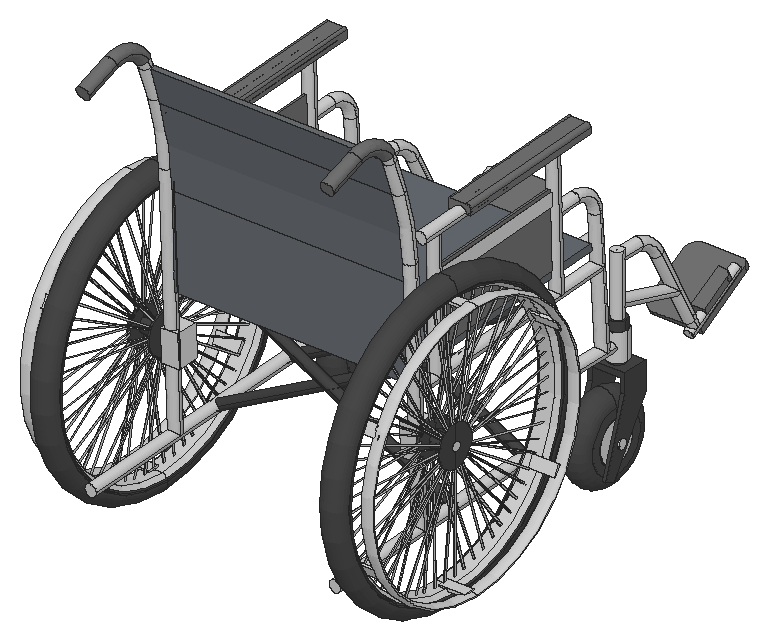
Revit family "Кресло-каталка-коляска", category Оборудование, Revit 2017
Family settings
  Размер круглого соединителя = Использовать радиус
  Тип детали = Нормальный
  На основе рабочей плоскости = Нет
  Всегда вертикально = Да
  При загрузке вырезать с полостями = Нет
  Общий = Нет
  Точка расчета площади = Нет
Parameters (values of type "Тип1")
  Общ_Ширина = 800.0 mm
  Общ_Тип, марка = "Н035"
  Общ_Примечание = ""
  Общ_Поставщик = "Армед"
  Общ_Позиция [instance] = ""
  Общ_Наименование = "Кресло-коляска"
  Общ_Масса = ""
  Общ_Код продукции = ""
  Общ_Единицы измерения = "шт."
  Общ_Глубина = 1000.0 mm
  Общ_Высота = 800.0 mm
  Keynote = ""
Reference planes
  plane 1 "По центру (Вперед/Назад)": y = 0
  plane 2: z = 0
  plane 3 "По центру (Влево/Вправо)": x = 0
  plane 4: x = -400
  plane 5: x = 400
  plane 6: y = 500
  plane 7: y = -500
  plane 8: z = 800
Dimensions and locks
  equal spacing: plane 4, plane 3 "По центру (Влево/Вправо)", plane 5
  equal spacing: plane 6, plane 1 "По центру (Вперед/Назад)", plane 7
  "Общ_Глубина": plane 6 to plane 7
  "Общ_Ширина": plane 4 to plane 5
  "Общ_Высота": plane 8 to plane 2
  aligned and locked: level to plane 2
Nested families
  nested 1: "wheelchair_complex-distributed_parametric_14784" at (0, 0, 0), type "wheelchair_complex-distributed_parametric_14784"
    with ZLOZONY no, ROZLOZONE yes, ON_OFF yes
Definition of nested family "wheelchair_complex-distributed_parametric_14784"
  Parameters (values of type "wheelchair_complex-distributed_parametric_14784")
    ZLOZONY [instance] = not(ON_OFF)  # yes
    WHEEL = none
    SIT COVER = none
    ROZLOZONE [instance] = ON_OFF  # no
    PLASTIC = none
    ON_OFF [instance] = no
    GRAY_PIPE = none
    BLACK_PIPE = none
  Reference planes
    plane 1 "Center (Front/Back)": y = 0
    plane 2: z = 0
    plane 3 "Center (Left/Right)": x = 0
    plane 4: x = 270
    plane 5: x = -270
    plane 6: x = 65
    plane 7: x = -65
  Forms (mm)
    Extrusion 1, solid, material <- "SIT COVER", visible <- "ROZLOZONE"
      sketch origin (0, 0, 0) x (0, 1, 0) y (0, 0, 1)
        loop
          line (-304.455, 901.073) -> (-313.965, 897.982) -> (-288.075, 818.302)
          arc (-288.075, 818.302) -> (-265.125, 726.251) -> (-255.208, 631.902) r 680
          line (-255.208, 631.902) -> (-248.058, 427.157) -> (-238.064, 427.506) -> (-245.214, 632.251)
          arc (-245.214, 632.251) -> (-255.277, 727.988) -> (-278.565, 821.392) r 690
          line (-278.565, 821.392) -> (-304.455, 901.073)
      from -270 to 270
    Extrusion 2, solid, material <- "SIT COVER", visible <- "ROZLOZONE"
      sketch origin (0, 0, 0) x (0, 1, 0) y (0, 0, 1)
        loop
          line (247.319, 475.878) -> (246.278, 490.851) -> (-195.606, 467.83) -> (-194.566, 452.857) -> (247.319, 475.878)
      from -270 to 270
    Extrusion 3, solid, material <- "BLACK_PIPE", visible <- "ROZLOZONE"
      sketch origin (148.338, -70, 6.899) x (0, 1, 0) y (-0.462673, 0, 0.886529)
        loop
          circle (155.42, 319.825) r 11
      from -309.355 to 308.387
    Extrusion 4, solid, material <- "BLACK_PIPE", visible <- "ROZLOZONE"
      sketch origin (-148.338, -92.5, 6.899) x (0, 1, 0) y (-0.462673, 0, -0.886529)
        loop
          circle (155.42, -319.825) r 11
      from -309.355 to 308.387
    Extrusion 5, solid, material <- "BLACK_PIPE", visible <- "ROZLOZONE"
      sketch origin (148.338, -270, -1.851) x (0, 1, 0) y (-0.462673, 0, 0.886529)
        loop
          circle (155.42, 319.825) r 11
      from -309.355 to 308.387
    Extrusion 6, solid, material <- "BLACK_PIPE", visible <- "ROZLOZONE"
      sketch origin (-148.338, -292.5, -1.851) x (0, 1, 0) y (-0.462673, 0, -0.886529)
        loop
          circle (155.42, -319.825) r 11
      from -309.355 to 308.387
    Extrusion 7, solid, material <- "BLACK_PIPE", visible <- "ZLOZONY"
      sketch origin (-327.955, -70, 353.415) x (0, 1, 0) y (-0.959058, 0, -0.283211)
        loop
          circle (155.42, -319.825) r 11
      from -309.355 to -76.813
    Extrusion 8, solid, material <- "BLACK_PIPE", visible <- "ZLOZONY"
      sketch origin (-327.955, -92.625, 353.415) x (0, 1, 0) y (-0.959058, 0, -0.283211)
        loop
          circle (155.42, -319.825) r 11
      from -309.355 to -76.813
    Extrusion 9, solid, material <- "BLACK_PIPE", visible <- "ZLOZONY"
      sketch origin (325.16, -292.625, 354.492) x (0, 1, 0) y (-0.965861, 0, 0.259063)
        loop
          circle (155.42, 319.825) r 11
      from -309.355 to -73.775
    Extrusion 10, solid, material <- "BLACK_PIPE", visible <- "ZLOZONY"
      sketch origin (325.16, -268.875, 354.492) x (0, 1, 0) y (-0.965861, 0, 0.259063)
        loop
          circle (155.42, 319.825) r 11
      from -309.355 to -73.775
    Extrusion 11, solid, material <- "SIT COVER", visible <- "ZLOZONY"
      sketch origin (-165, 0, 0) x (0, 1, 0) y (0, 0, 1)
        loop
          line (-304.455, 901.073) -> (-313.965, 897.982) -> (-288.075, 818.302)
          arc (-288.075, 818.302) -> (-265.125, 726.251) -> (-255.208, 631.902) r 680
          line (-255.208, 631.902) -> (-248.058, 427.157) -> (-238.064, 427.506) -> (-245.214, 632.251)
          arc (-245.214, 632.251) -> (-255.277, 727.988) -> (-278.565, 821.392) r 690
          line (-278.565, 821.392) -> (-304.455, 901.073)
      from 60 to 270
    Extrusion 12, solid, material <- "SIT COVER", visible <- "ZLOZONY"
      sketch origin (-165, 0, 0) x (0, 1, 0) y (0, 0, 1)
        loop
          line (247.319, 475.878) -> (246.278, 490.851) -> (-195.606, 467.83) -> (-194.566, 452.857) -> (247.319, 475.878)
      from 60 to 270
    Extrusion 13, solid, material <- "BLACK_PIPE", visible <- "ZLOZONY"
      sketch origin (327.955, -70, 353.415) x (0, 1, 0) y (-0.959058, 0, 0.283211)
        loop
          circle (155.42, 319.825) r 11
      from -309.355 to -76.813
    Extrusion 14, solid, material <- "BLACK_PIPE", visible <- "ZLOZONY"
      sketch origin (327.955, -92.625, 353.415) x (0, 1, 0) y (-0.959058, 0, 0.283211)
        loop
          circle (155.42, 319.825) r 11
      from -309.355 to -76.813
    Extrusion 15, solid, material <- "BLACK_PIPE", visible <- "ZLOZONY"
      sketch origin (-325.16, -292.625, 354.492) x (0, 1, 0) y (-0.965861, 0, -0.259063)
        loop
          circle (155.42, -319.825) r 11
      from -309.355 to -73.775
    Extrusion 16, solid, material <- "BLACK_PIPE", visible <- "ZLOZONY"
      sketch origin (-325.16, -268.875, 354.492) x (0, 1, 0) y (-0.965861, 0, -0.259063)
        loop
          circle (155.42, -319.825) r 11
      from -309.355 to -73.775
  Dimensions and locks
    equal spacing: plane 5, plane 3 "Center (Left/Right)", plane 4
    aligned and locked: level to plane 2
    aligned and locked: plane 4 to Extrusion 1
    aligned and locked: plane 5 to Extrusion 1
    aligned and locked: Extrusion 2 to plane 4
    aligned and locked: plane 5 to Extrusion 2
  Automatic sketch dimensions
    Extrusion 1 sketch curve to Extrusion 1 sketch curve = 0.0 mm  (x2)
    plane 1 "Center (Front/Back)" to Extrusion 1 sketch curve = 934.794 mm
    plane 1 "Center (Front/Back)" to Extrusion 1 sketch curve = 313.965 mm
    Extrusion 1 sketch curve to Extrusion 1 sketch curve = 9.511 mm  (x2)
    Extrusion 1 sketch curve to Extrusion 1 sketch curve = 25.89 mm
    Extrusion 1 sketch curve to Extrusion 1 sketch curve = 32.867 mm
    Extrusion 1 sketch curve to Extrusion 1 sketch curve = 7.15 mm
    Extrusion 1 sketch curve to Extrusion 1 sketch curve = 9.994 mm  (x2)
    level to Extrusion 1 sketch curve = 427.157 mm
    Extrusion 1 sketch curve to Extrusion 1 sketch curve = 0.349 mm
    level to Extrusion 1 sketch curve = 608.17 mm
    plane 1 "Center (Front/Back)" to Extrusion 2 sketch curve = 195.606 mm
    Extrusion 2 sketch curve to Extrusion 2 sketch curve = 1.041 mm  (x2)
    Extrusion 2 sketch curve to plane 1 "Center (Front/Back)" = 246.278 mm
    level to Extrusion 2 sketch curve = 452.857 mm
    Extrusion 2 sketch curve to Extrusion 2 sketch curve = 14.973 mm  (x2)
    Extrusion 2 sketch curve to Extrusion 2 sketch curve = 23.021 mm
    Extrusion 3 sketch curve to plane 1 "Center (Front/Back)" = 85.42 mm
    Extrusion 4 sketch curve to plane 1 "Center (Front/Back)" = 62.92 mm
    plane 1 "Center (Front/Back)" to Extrusion 5 sketch curve = 114.58 mm
    plane 1 "Center (Front/Back)" to Extrusion 6 sketch curve = 137.08 mm
    Extrusion 7 sketch curve to plane 1 "Center (Front/Back)" = 85.42 mm
    Extrusion 8 sketch curve to plane 1 "Center (Front/Back)" = 62.795 mm
    plane 1 "Center (Front/Back)" to Extrusion 9 sketch curve = 137.205 mm
    plane 1 "Center (Front/Back)" to Extrusion 10 sketch curve = 113.455 mm
    Extrusion 11 sketch curve to Extrusion 11 sketch curve = 0.0 mm  (x2)
    plane 1 "Center (Front/Back)" to Extrusion 11 sketch curve = 934.794 mm
    plane 1 "Center (Front/Back)" to Extrusion 11 sketch curve = 313.965 mm
    Extrusion 11 sketch curve to Extrusion 11 sketch curve = 9.511 mm  (x2)
    Extrusion 11 sketch curve to Extrusion 11 sketch curve = 25.89 mm
    Extrusion 11 sketch curve to Extrusion 11 sketch curve = 32.867 mm
    Extrusion 11 sketch curve to Extrusion 11 sketch curve = 7.15 mm
    Extrusion 11 sketch curve to Extrusion 11 sketch curve = 9.994 mm  (x2)
    level to Extrusion 11 sketch curve = 427.157 mm
    Extrusion 11 sketch curve to Extrusion 11 sketch curve = 0.349 mm
    level to Extrusion 11 sketch curve = 608.17 mm
    plane 1 "Center (Front/Back)" to Extrusion 12 sketch curve = 195.606 mm
    Extrusion 12 sketch curve to Extrusion 12 sketch curve = 1.041 mm  (x2)
    Extrusion 12 sketch curve to plane 1 "Center (Front/Back)" = 246.278 mm
    level to Extrusion 12 sketch curve = 452.857 mm
    Extrusion 12 sketch curve to Extrusion 12 sketch curve = 14.973 mm  (x2)
    Extrusion 12 sketch curve to Extrusion 12 sketch curve = 23.021 mm
    Extrusion 13 sketch curve to plane 1 "Center (Front/Back)" = 85.42 mm
    Extrusion 14 sketch curve to plane 1 "Center (Front/Back)" = 62.795 mm
    plane 1 "Center (Front/Back)" to Extrusion 15 sketch curve = 137.205 mm
    plane 1 "Center (Front/Back)" to Extrusion 16 sketch curve = 113.455 mm
    radius of Extrusion 3 sketch curve = 11.0 mm
    radius of Extrusion 4 sketch curve = 11.0 mm
    radius of Extrusion 5 sketch curve = 11.0 mm
    radius of Extrusion 6 sketch curve = 11.0 mm
    radius of Extrusion 7 sketch curve = 11.0 mm
    radius of Extrusion 8 sketch curve = 11.0 mm
    radius of Extrusion 9 sketch curve = 11.0 mm
    radius of Extrusion 10 sketch curve = 11.0 mm
    radius of Extrusion 13 sketch curve = 11.0 mm
    radius of Extrusion 14 sketch curve = 11.0 mm
    radius of Extrusion 15 sketch curve = 11.0 mm
    radius of Extrusion 16 sketch curve = 11.0 mm
  Nested families
    nested 1: "1" at (270, 0, 0), visible <- "ROZLOZONE", type "1"
    nested 2: "1" at (-270, 0, 0) x (-1, 0, 0) z (0, 0, 1), visible <- "ROZLOZONE", type "1"
    nested 3: "1" at (65, 0, 0), visible <- "ZLOZONY", type "2"
      with nozka_on no, nozka_off yes
    nested 4: "1" at (-65, 0, 0) x (-1, 0, 0) z (0, 0, 1), visible <- "ZLOZONY", type "2"
      with nozka_on no, nozka_off yes
  Definition of nested family "1"
    Parameters
      wheel = none
      plastic = none
      nozka_on = yes
      nozka_off = no
      gray pipe = none
      black pipe = none
    Reference planes
      plane 1 "Center (Front/Back)": y = 0
      plane 2: z = 0
      plane 3 "Center (Left/Right)": x = 0
    Forms (mm)
      Sweep 1, solid, material <- "gray pipe"
        path origin (0, -15, 0) x (0, 1, 0) y (0, 0, 1)
          loop
            line (316.74, 264.891) -> (204.969, 264.891)
            arc (204.969, 264.891) -> (167.869, 249.524) -> (152.501, 212.423) r 52.468
            line (152.501, 212.423) -> (152.501, 132.699)
        profile origin (0, 245.854, 264.891) x (0, 0, -1) y (1, 0, 0)
          loop
            circle (0, 0) r 12.7
      Revolve 2, solid, material <- "wheel"
        sketch origin (-384.861, 277.1, 0) x (1, 0, 0) y (0, 0, 1)
          loop
            arc (359.135, 52.612) -> (356.937, 51.702) -> (356.026, 49.504) r 3.108
            line (356.026, 49.504) -> (356.026, 29.737)
            arc (356.026, 29.737) -> (386.085, -0.322) -> (416.145, 29.737) r 30.059
            line (416.145, 29.737) -> (416.145, 49.504)
            arc (416.145, 49.504) -> (415.234, 51.702) -> (413.036, 52.612) r 3.108
            line (413.036, 52.612) -> (359.135, 52.612)
          axis (356.026, 96.05) -> (416.145, 96.05)
        angle from 0 to 360
      Extrusion 3, solid, material <- "black pipe"
        sketch origin (-384.861, -21.35, 0) x (0, 1, 0) y (0, 0, 1)
          loop
            line (369.497, 230.041) -> (310.254, 230.041) -> (310.254, 189.07) -> (257.611, 36.181) -> (281.627, 27.912) -> (369.497, 168.533) -> (369.497, 230.041)
        from 344.371 to 424.548
      Extrusion 4, solid, material <- "gray pipe"
        sketch origin (-384.861, -14.296, 2.981) x (0, 1, 0) y (0, 0, 1)
          loop
            circle (291.594, 92.884) r 9.778
        from 342.323 to 429.958
      Extrusion 5, solid, material <- "gray pipe"
        sketch origin (-384.861, -15, 0) x (0, 1, 0) y (0, 0, 1)
          loop
            circle (292.298, 95.865) r 44.45
        from 356.586 to 415.862
      Revolve 6, solid, material <- "wheel"
        sketch origin (-334.061, -222.34, 229.522) x (1, 0, 0) y (0, 0, 1)
          loop
            arc (359.135, -195.685) -> (356.937, -196.595) -> (356.026, -198.793) r 3.108
            line (356.026, -198.793) -> (356.026, -201.342)
            arc (356.026, -201.342) -> (384.498, -229.814) -> (412.97, -201.342) r 28.472
            line (412.97, -201.342) -> (412.97, -198.793)
            arc (412.97, -198.793) -> (412.059, -196.595) -> (409.861, -195.685) r 3.108
            line (409.861, -195.685) -> (359.135, -195.685)
          axis (356.026, 97.637) -> (412.97, 97.637)
        angle from 0 to 360
      Revolve 7, solid, material <- "gray pipe"
        sketch origin (-334.061, -222.34, 229.522) x (1, 0, 0) y (0, 0, 1)
          loop
            line (359.135, -195.685) -> (409.861, -195.685) -> (401.458, -187.282) -> (367.538, -187.282) -> (359.135, -195.685)
          axis (359.135, 97.637) -> (409.861, 97.637)
        angle from 0 to 360
      Revolve 8, solid, material <- "black pipe"
        sketch origin (-334.061, -224.185, 0) x (1, 0, 0) y (0, 0, 1)
          loop
            line (409.861, 332.524) -> (409.861, 367.599) -> (407.083, 367.599) -> (407.083, 338.297) -> (366.244, 342.589) -> (364.056, 367.599) -> (359.135, 367.599) -> (359.135, 332.524) -> (409.861, 332.524)
          axis (409.861, 323.149) -> (359.135, 323.149)
        angle from 0 to 360
      Extrusion 9, solid, material <- "gray pipe"
        sketch origin (-334.061, -222.775, 0) x (1, 0, 0) y (0, 0, 1)
          loop
            line (385.272, 613.467) -> (384.268, 613.467) -> (406.206, 362.719) -> (407.202, 362.806) -> (385.272, 613.467)
          loop
            line (385.272, 32.832) -> (407.202, 283.493) -> (406.206, 283.58) -> (384.268, 32.832) -> (385.272, 32.832)
        from 0 to 2.82
      Extrusion 10, solid, material <- "gray pipe"
        sketch origin (-334.061, 98.964, 324.559) x (0, -1, 0) y (1, 0, 0)
          loop
            line (613.467, 385.272) -> (362.806, 407.202) -> (362.719, 406.206) -> (613.467, 384.268) -> (613.467, 385.272)
          loop
            line (32.832, 385.272) -> (32.832, 384.268) -> (283.58, 406.206) -> (283.493, 407.202) -> (32.832, 385.272)
        from 0 to 2.82
      Extrusion 11, solid, material <- "gray pipe"
        sketch origin (-334.061, 5.313, 95.645) x (1, 0, 0) y (0, -0.707107, 0.707107)
          loop
            line (385.272, 613.467) -> (384.268, 613.467) -> (406.206, 362.719) -> (407.202, 362.806) -> (385.272, 613.467)
          loop
            line (385.272, 32.832) -> (407.202, 283.493) -> (406.206, 283.58) -> (384.268, 32.832) -> (385.272, 32.832)
        from 0 to 2.82
      Extrusion 12, solid, material <- "gray pipe"
        sketch origin (-334.061, 3.319, 552.647) x (1, 0, 0) y (0, -0.707107, -0.707107)
          loop
            line (385.272, 613.467) -> (384.268, 613.467) -> (406.206, 362.719) -> (407.202, 362.806) -> (385.272, 613.467)
          loop
            line (385.272, 32.832) -> (407.202, 283.493) -> (406.206, 283.58) -> (384.268, 32.832) -> (385.272, 32.832)
        from 0 to 2.82
      Extrusion 13, solid, material <- "gray pipe"
        sketch origin (-334.061, -99.218, 25.138) x (1, 0, 0) y (0, -0.382683, 0.92388)
          loop
            line (385.272, 613.467) -> (384.268, 613.467) -> (406.206, 362.719) -> (407.202, 362.806) -> (385.272, 613.467)
          loop
            line (385.272, 32.832) -> (407.202, 283.493) -> (406.206, 283.58) -> (384.268, 32.832) -> (385.272, 32.832)
        from 0 to 2.82
      Extrusion 14, solid, material <- "gray pipe"
        sketch origin (-334.061, 73.827, 448.116) x (1, 0, 0) y (0, -0.92388, -0.382683)
          loop
            line (385.272, 613.467) -> (384.268, 613.467) -> (406.206, 362.719) -> (407.202, 362.806) -> (385.272, 613.467)
          loop
            line (385.272, 32.832) -> (407.202, 283.493) -> (406.206, 283.58) -> (384.268, 32.832) -> (385.272, 32.832)
        from 0 to 2.82
      Extrusion 15, solid, material <- "gray pipe"
        sketch origin (-334.061, 74.906, 200.788) x (1, 0, 0) y (0, -0.92388, 0.382683)
          loop
            line (385.272, 613.467) -> (384.268, 613.467) -> (406.206, 362.719) -> (407.202, 362.806) -> (385.272, 613.467)
          loop
            line (385.272, 32.832) -> (407.202, 283.493) -> (406.206, 283.58) -> (384.268, 32.832) -> (385.272, 32.832)
        from 0 to 2.82
      Extrusion 16, solid, material <- "gray pipe"
        sketch origin (-334.061, -101.824, 622.24) x (1, 0, 0) y (0, -0.382683, -0.92388)
          loop
            line (385.272, 613.467) -> (384.268, 613.467) -> (406.206, 362.719) -> (407.202, 362.806) -> (385.272, 613.467)
          loop
            line (385.272, 32.832) -> (407.202, 283.493) -> (406.206, 283.58) -> (384.268, 32.832) -> (385.272, 32.832)
        from 0 to 2.82
      Extrusion 17, solid, material <- "gray pipe"
        sketch origin (436.484, -159.758, 6.484) x (-1, 0, 0) y (0, 0.19509, -0.980785)
          loop
            line (385.272, -613.467) -> (407.202, -362.806) -> (406.206, -362.719) -> (384.268, -613.467) -> (385.272, -613.467)
          loop
            line (385.272, -32.832) -> (384.268, -32.832) -> (406.206, -283.58) -> (407.202, -283.493) -> (385.272, -32.832)
        from 0 to 2.82
      Extrusion 18, solid, material <- "gray pipe"
        sketch origin (436.484, 92.48, 387.576) x (-1, 0, 0) y (0, 0.980785, 0.19509)
          loop
            line (385.272, -613.467) -> (407.202, -362.806) -> (406.206, -362.719) -> (384.268, -613.467) -> (385.272, -613.467)
          loop
            line (385.272, -32.832) -> (384.268, -32.832) -> (406.206, -283.58) -> (407.202, -283.493) -> (385.272, -32.832)
        from 0 to 2.82
      Extrusion 19, solid, material <- "gray pipe"
        sketch origin (436.484, 45.287, 144.79) x (-1, 0, 0) y (0, 0.83147, -0.55557)
          loop
            line (385.272, -613.467) -> (407.202, -362.806) -> (406.206, -362.719) -> (384.268, -613.467) -> (385.272, -613.467)
          loop
            line (385.272, -32.832) -> (384.268, -32.832) -> (406.206, -283.58) -> (407.202, -283.493) -> (385.272, -32.832)
        from 0 to 2.82
      Extrusion 20, solid, material <- "gray pipe"
        sketch origin (436.484, -45.825, 592.622) x (-1, 0, 0) y (0, 0.55557, 0.83147)
          loop
            line (385.272, -613.467) -> (407.202, -362.806) -> (406.206, -362.719) -> (384.268, -613.467) -> (385.272, -613.467)
          loop
            line (385.272, -32.832) -> (384.268, -32.832) -> (406.206, -283.58) -> (407.202, -283.493) -> (385.272, -32.832)
        from 0 to 2.82
      Extrusion 21, solid, material <- "gray pipe"
        sketch origin (436.484, -43.48, 55.244) x (-1, 0, 0) y (0, 0.55557, -0.83147)
          loop
            line (385.272, -613.467) -> (407.202, -362.806) -> (406.206, -362.719) -> (384.268, -613.467) -> (385.272, -613.467)
          loop
            line (385.272, -32.832) -> (384.268, -32.832) -> (406.206, -283.58) -> (407.202, -283.493) -> (385.272, -32.832)
        from 0 to 2.82
      Extrusion 22, solid, material <- "gray pipe"
        sketch origin (436.484, 43.721, 503.854) x (-1, 0, 0) y (0, 0.83147, 0.55557)
          loop
            line (385.272, -613.467) -> (407.202, -362.806) -> (406.206, -362.719) -> (384.268, -613.467) -> (385.272, -613.467)
          loop
            line (385.272, -32.832) -> (384.268, -32.832) -> (406.206, -283.58) -> (407.202, -283.493) -> (385.272, -32.832)
        from 0 to 2.82
      Extrusion 23, solid, material <- "gray pipe"
        sketch origin (436.484, 93.03, 261.489) x (-1, 0, 0) y (0, 0.980785, -0.19509)
          loop
            line (385.272, -613.467) -> (407.202, -362.806) -> (406.206, -362.719) -> (384.268, -613.467) -> (385.272, -613.467)
          loop
            line (385.272, -32.832) -> (384.268, -32.832) -> (406.206, -283.58) -> (407.202, -283.493) -> (385.272, -32.832)
        from 0 to 2.82
      Extrusion 24, solid, material <- "gray pipe"
        sketch origin (436.484, -162.525, 640.364) x (-1, 0, 0) y (0, 0.19509, 0.980785)
          loop
            line (385.272, -613.467) -> (407.202, -362.806) -> (406.206, -362.719) -> (384.268, -613.467) -> (385.272, -613.467)
          loop
            line (385.272, -32.832) -> (384.268, -32.832) -> (406.206, -283.58) -> (407.202, -283.493) -> (385.272, -32.832)
        from 0 to 2.82
      Extrusion 25, solid, material <- "gray pipe"
        sketch origin (-334.061, -189.004, 1.918) x (1, 0, 0) y (0, -0.104528, 0.994522)
          loop
            line (385.272, 613.467) -> (384.268, 613.467) -> (406.206, 362.719) -> (407.202, 362.806) -> (385.272, 613.467)
          loop
            line (385.272, 32.832) -> (407.202, 283.493) -> (406.206, 283.58) -> (384.268, 32.832) -> (385.272, 32.832)
        from 0 to 2.82
      Extrusion 26, solid, material <- "gray pipe"
        sketch origin (-334.061, 97.047, 358.33) x (1, 0, 0) y (0, -0.994522, -0.104528)
          loop
            line (385.272, 613.467) -> (384.268, 613.467) -> (406.206, 362.719) -> (407.202, 362.806) -> (385.272, 613.467)
          loop
            line (385.272, 32.832) -> (407.202, 283.493) -> (406.206, 283.58) -> (384.268, 32.832) -> (385.272, 32.832)
        from 0 to 2.82
      Extrusion 27, solid, material <- "gray pipe"
        sketch origin (-334.061, 27.837, 120.881) x (1, 0, 0) y (0, -0.777146, 0.62932)
          loop
            line (385.272, 613.467) -> (384.268, 613.467) -> (406.206, 362.719) -> (407.202, 362.806) -> (385.272, 613.467)
          loop
            line (385.272, 32.832) -> (407.202, 283.493) -> (406.206, 283.58) -> (384.268, 32.832) -> (385.272, 32.832)
        from 0 to 2.82
      Extrusion 28, solid, material <- "gray pipe"
        sketch origin (-334.061, -21.916, 575.171) x (1, 0, 0) y (0, -0.62932, -0.777146)
          loop
            line (385.272, 613.467) -> (384.268, 613.467) -> (406.206, 362.719) -> (407.202, 362.806) -> (385.272, 613.467)
          loop
            line (385.272, 32.832) -> (407.202, 283.493) -> (406.206, 283.58) -> (384.268, 32.832) -> (385.272, 32.832)
        from 0 to 2.82
      Extrusion 29, solid, material <- "gray pipe"
        sketch origin (-334.061, -68.752, 39.833) x (1, 0, 0) y (0, -0.477159, 0.878817)
          loop
            line (385.272, 613.467) -> (384.268, 613.467) -> (406.206, 362.719) -> (407.202, 362.806) -> (385.272, 613.467)
          loop
            line (385.272, 32.832) -> (407.202, 283.493) -> (406.206, 283.58) -> (384.268, 32.832) -> (385.272, 32.832)
        from 0 to 2.82
      Extrusion 30, solid, material <- "gray pipe"
        sketch origin (-334.061, 59.131, 478.582) x (1, 0, 0) y (0, -0.878817, -0.477159)
          loop
            line (385.272, 613.467) -> (384.268, 613.467) -> (406.206, 362.719) -> (407.202, 362.806) -> (385.272, 613.467)
          loop
            line (385.272, 32.832) -> (407.202, 283.493) -> (406.206, 283.58) -> (384.268, 32.832) -> (385.272, 32.832)
        from 0 to 2.82
      Extrusion 31, solid, material <- "gray pipe"
        sketch origin (-334.061, 86.058, 232.722) x (1, 0, 0) y (0, -0.95882, 0.284015)
          loop
            line (385.272, 613.467) -> (384.268, 613.467) -> (406.206, 362.719) -> (407.202, 362.806) -> (385.272, 613.467)
          loop
            line (385.272, 32.832) -> (407.202, 283.493) -> (406.206, 283.58) -> (384.268, 32.832) -> (385.272, 32.832)
        from 0 to 2.82
      Extrusion 32, solid, material <- "gray pipe"
        sketch origin (-334.061, -133.758, 633.392) x (1, 0, 0) y (0, -0.284015, -0.95882)
          loop
            line (385.272, 613.467) -> (384.268, 613.467) -> (406.206, 362.719) -> (407.202, 362.806) -> (385.272, 613.467)
          loop
            line (385.272, 32.832) -> (407.202, 283.493) -> (406.206, 283.58) -> (384.268, 32.832) -> (385.272, 32.832)
        from 0 to 2.82
      Extrusion 33, solid, material <- "gray pipe"
        sketch origin (436.484, -127.011, 14.953) x (-1, 0, 0) y (0, 0.296542, -0.95502)
          loop
            line (385.272, -613.467) -> (407.202, -362.806) -> (406.206, -362.719) -> (384.268, -613.467) -> (385.272, -613.467)
          loop
            line (385.272, -32.832) -> (384.268, -32.832) -> (406.206, -283.58) -> (407.202, -283.493) -> (385.272, -32.832)
        from 0 to 2.82
      Extrusion 34, solid, material <- "gray pipe"
        sketch origin (436.484, 84.011, 420.323) x (-1, 0, 0) y (0, 0.95502, 0.296542)
          loop
            line (385.272, -613.467) -> (407.202, -362.806) -> (406.206, -362.719) -> (384.268, -613.467) -> (385.272, -613.467)
          loop
            line (385.272, -32.832) -> (384.268, -32.832) -> (406.206, -283.58) -> (407.202, -283.493) -> (385.272, -32.832)
        from 0 to 2.82
      Extrusion 35, solid, material <- "gray pipe"
        sketch origin (436.484, 62.455, 173.934) x (-1, 0, 0) y (0, 0.884988, -0.465615)
          loop
            line (385.272, -613.467) -> (407.202, -362.806) -> (406.206, -362.719) -> (384.268, -613.467) -> (385.272, -613.467)
          loop
            line (385.272, -32.832) -> (384.268, -32.832) -> (406.206, -283.58) -> (407.202, -283.493) -> (385.272, -32.832)
        from 0 to 2.82
      Extrusion 36, solid, material <- "gray pipe"
        sketch origin (436.484, -74.97, 609.789) x (-1, 0, 0) y (0, 0.465615, 0.884988)
          loop
            line (385.272, -613.467) -> (407.202, -362.806) -> (406.206, -362.719) -> (384.268, -613.467) -> (385.272, -613.467)
          loop
            line (385.272, -32.832) -> (384.268, -32.832) -> (406.206, -283.58) -> (407.202, -283.493) -> (385.272, -32.832)
        from 0 to 2.82
      Extrusion 37, solid, material <- "gray pipe"
        sketch origin (436.484, -16.466, 75.6) x (-1, 0, 0) y (0, 0.639439, -0.768842)
          loop
            line (385.272, -613.467) -> (407.202, -362.806) -> (406.206, -362.719) -> (384.268, -613.467) -> (385.272, -613.467)
          loop
            line (385.272, -32.832) -> (384.268, -32.832) -> (406.206, -283.58) -> (407.202, -283.493) -> (385.272, -32.832)
        from 0 to 2.82
      Extrusion 38, solid, material <- "gray pipe"
        sketch origin (436.484, 23.364, 530.868) x (-1, 0, 0) y (0, 0.768842, 0.639439)
          loop
            line (385.272, -613.467) -> (407.202, -362.806) -> (406.206, -362.719) -> (384.268, -613.467) -> (385.272, -613.467)
          loop
            line (385.272, -32.832) -> (384.268, -32.832) -> (406.206, -283.58) -> (407.202, -283.493) -> (385.272, -32.832)
        from 0 to 2.82
      Extrusion 39, solid, material <- "gray pipe"
        sketch origin (436.484, 97.738, 294.985) x (-1, 0, 0) y (0, 0.995805, -0.091502)
          loop
            line (385.272, -613.467) -> (407.202, -362.806) -> (406.206, -362.719) -> (384.268, -613.467) -> (385.272, -613.467)
          loop
            line (385.272, -32.832) -> (384.268, -32.832) -> (406.206, -283.58) -> (407.202, -283.493) -> (385.272, -32.832)
        from 0 to 2.82
      Extrusion 40, solid, material <- "gray pipe"
        sketch origin (436.484, -196.02, 645.072) x (-1, 0, 0) y (0, 0.091502, 0.995805)
          loop
            line (385.272, -613.467) -> (407.202, -362.806) -> (406.206, -362.719) -> (384.268, -613.467) -> (385.272, -613.467)
          loop
            line (385.272, -32.832) -> (384.268, -32.832) -> (406.206, -283.58) -> (407.202, -283.493) -> (385.272, -32.832)
        from 0 to 2.82
      Extrusion 41, solid, material <- "gray pipe"
        sketch origin (-334.061, 0, 0) x (0, 1, 0) y (0, 0, 1)
          loop
            line (-465.556, 479.776) -> (-478.256, 457.779) -> (-472.756, 454.604) -> (-460.056, 476.601) -> (-465.556, 479.776)
          loop
            line (-209.044, 612.558) -> (-234.444, 612.558) -> (-234.444, 606.208) -> (-209.044, 606.208) -> (-209.044, 612.558)
          loop
            line (33.915, 455.138) -> (21.215, 477.135) -> (15.715, 473.96) -> (28.415, 451.963) -> (33.915, 455.138)
          loop
            line (14.805, 165.729) -> (27.505, 187.726) -> (22.005, 190.901) -> (9.305, 168.904) -> (14.805, 165.729)
          loop
            line (-239.326, 40.091) -> (-213.926, 40.091) -> (-213.926, 46.441) -> (-239.326, 46.441) -> (-239.326, 40.091)
          loop
            line (-478.316, 195.923) -> (-465.616, 173.926) -> (-460.116, 177.101) -> (-472.816, 199.098) -> (-478.316, 195.923)
        from 385.272 to 442.2
      Revolve 42, solid, material <- "gray pipe"
        sketch origin (-334.061, -221.099, 3.175) x (1, 0, 0) y (0, 0, 1)
          loop
            spline (454.9, 609.383) -> (454.467, 610.607) -> (453.198, 611.748) -> (451.18, 612.728) -> (448.55, 613.479) -> (445.487, 613.952) -> (442.2, 614.113) -> (438.913, 613.952) -> (435.85, 613.479) -> (433.22, 612.728) -> (431.201, 611.748) -> (429.933, 610.607) -> (429.5, 609.383)
            spline (429.5, 609.383) -> (429.933, 608.159) -> (431.201, 607.018) -> (433.22, 606.038) -> (435.85, 605.286) -> (438.913, 604.814) -> (442.2, 604.653) -> (445.487, 604.814) -> (448.55, 605.286) -> (451.18, 606.038) -> (453.198, 607.018) -> (454.467, 608.159) -> (454.9, 609.383)
          axis (454.9, 323.149) -> (429.5, 323.149)
        angle from 0 to 360
      Extrusion 43, solid, material <- "black pipe"
        sketch origin (-384.861, -15, 0) x (1, 0, 0) y (0, 1, 0)
          loop
            circle (384.861, 333.525) r 19.05
        from 230.041 to 314.832
      Extrusion 44, solid, material <- "gray pipe"
        sketch origin (-384.861, -15, 0) x (1, 0, 0) y (0, 1, 0)
          loop
            circle (384.861, 333.525) r 22.825
        from 235.244 to 295.522
      Extrusion 45, void
        sketch origin (-384.861, 0, 0) x (1, 0, 0) y (0, 0, 1)
          loop
            line (354.581, 217.523) -> (354.581, 20.673) -> (417.287, 20.673) -> (417.287, 217.523) -> (354.581, 217.523)
        from -398.512 to -239.089
      Extrusion 46, solid, material <- "gray pipe"
        sketch origin (0, 145.489, 49.182) x (1, 0, 0) y (0, -0.047424, 0.998875)
          loop
            circle (0, 102.32) r 12.7
        from 1.169 to 603.264
      Extrusion 47, solid, material <- "gray pipe"
        sketch origin (0, 0, 0) x (0, 1, 0) y (0, 0, 1)
          loop
            line (140.769, 645.783) -> (-192.21, 628.332) -> (-192.21, 598.332) -> (140.769, 615.783) -> (140.769, 645.783)
        from 0 to 4.775
      Extrusion 48, solid, material <- "gray pipe"
        sketch origin (0, -284.124, 292.974) x (1, 0, 0) y (0, 0.999848, 0.017452)
          loop
            circle (0, 102.32) r 12.7
        from 122.856 to 416.028
      Extrusion 49, solid, material <- "gray pipe"
        sketch origin (0, 51.256, 306.329) x (1, 0, 0) y (0, 0.999391, 0.034899)
          loop
            circle (0, 102.32) r 12.7
        from 125.27 to 419.303
      Extrusion 50, solid, material <- "gray pipe"
        sketch origin (0, 318.171, 634.716) x (1, 0, 0) y (0, -0.052336, 0.99863)
          loop
            circle (0, 102.32) r 12.7
        from 107.107 to 537.721
      Extrusion 51, solid, material <- "plastic"
        sketch origin (0, 29.962, 11.182) x (1, 0, 0) y (0, -0.052336, 0.99863)
          loop
            line (12.7, 708.753) -> (24.531, 708.753) -> (24.531, 721.047)
            arc (24.531, 721.047) -> (21.602, 728.119) -> (14.531, 731.047) r 10
            line (14.531, 731.047) -> (-19.636, 731.047)
            arc (-19.636, 731.047) -> (-23.171, 729.583) -> (-24.636, 726.047) r 5
            line (-24.636, 726.047) -> (-24.636, 708.753) -> (-12.7, 708.753)
            spline (-12.7, 708.753) -> (-12.267, 712.036) -> (-10.999, 715.095) -> (-8.98, 717.721) -> (-6.35, 719.737) -> (-3.287, 721.004) -> (0, 721.436) -> (3.287, 721.004) -> (6.35, 719.737) -> (8.98, 717.721) -> (10.999, 715.095) -> (12.267, 712.036) -> (12.7, 708.753)
        from -222.074 to 109.294
      Extrusion 52, solid, material <- "plastic"
        sketch origin (0, 0, 5) x (0, 1, 0) y (0, 0, 1)
          loop
            line (135.783, 645.521) -> (-189.717, 628.463) -> (-181.082, 463.695) -> (144.418, 480.754) -> (135.783, 645.521)
        from 1.664 to -3.13
      Extrusion 53, solid, material <- "gray pipe"
        sketch origin (0, 318.171, 341.741) x (1, 0, 0) y (0, -0.052336, 0.99863)
          loop
            circle (0, 102.32) r 12.7
        from 48.469 to 555.978
      Sweep 54, solid, material <- "gray pipe"
        path origin (0, 0, 0) x (0, 1, 0) y (0, 0, 1)
          loop
            line (149.453, 599.465) -> (197.612, 602.833)
            arc (197.612, 602.833) -> (237.532, 589.476) -> (256.315, 551.804) r 55
            line (256.315, 551.804) -> (276.464, 263.658)
        profile origin (0, 173.532, 601.149) x (0, -0.069756, 0.997564) y (1, 0, 0)
          loop
            circle (0, 0) r 12.7
      Extrusion 55, solid, material <- "gray pipe"
        sketch origin (-25, 318.171, 376.741) x (1, 0, 0) y (0, -0.052336, 0.99863)
          loop
            circle (0, 102.32) r 12.7
        from 16.862 to 521.07
      Sweep 56, solid, material <- "gray pipe"
        path origin (0, 15, -25) x (0, 1, 0) y (0, 0, 1)
          loop
            line (302.827, 459.711) -> (357.827, 459.711)
            arc (357.827, 459.711) -> (388.887, 446.527) -> (411.025, 421.061) r 75
            line (411.025, 421.061) -> (501.462, 250.972)
        profile origin (0, 345.327, 434.711) x (0, 0, 1) y (1, 0, 0)
          loop
            circle (0, 0) r 12.7
      Extrusion 57, solid, material <- "gray pipe"
        sketch origin (0, -74.836, 692.813) x (1, 0, 0) y (0, 1, 0)
          loop
            circle (0, 393.824) r 12.7
        from -413.028 to -244.949
      Extrusion 58, solid, material <- "gray pipe"
        sketch origin (0, 829.318, 608.678) x (1, 0, 0) y (0, -0.275637, -0.961262)
          loop
            circle (0, 393.824) r 12.7
        from -419.688 to -251.651
      Extrusion 59, solid, material <- "gray pipe"
        sketch origin (0, 100.652, 553.654) x (1, 0, 0) y (0, 0.864778, 0.502154)
          loop
            circle (0, 195.773) r 10
        from -519.067 to -473.408
      Extrusion 60, solid, material <- "gray pipe"
        sketch origin (0, 866.139, 623.566) x (1, 0, 0) y (0, 0.502154, -0.864778)
          loop
            circle (0, 195.773) r 10
        from -519.067 to -366.343
      Extrusion 61, solid, material <- "plastic", visible <- "nozka_on"
        sketch origin (0, 79.97, -79.893) x (1, 0, 0) y (0, 0.866025, 0.5)
          loop
            line (-5.035, 689.657) -> (-90, 689.657)
            arc (-90, 689.657) -> (-111.213, 680.871) -> (-120, 659.657) r 30
            line (-120, 659.657) -> (-120, 557.957)
            arc (-120, 557.957) -> (-112.678, 540.28) -> (-95, 532.957) r 25
            line (-95, 532.957) -> (9.965, 532.957) -> (9.965, 674.657)
            arc (9.965, 674.657) -> (5.571, 685.264) -> (-5.035, 689.657) r 15
        from 0 to 11.175
      Extrusion 62, solid, material <- "plastic", visible <- "nozka_on"
        sketch origin (0, 74.383, -70.216) x (1, 0, 0) y (0, 0.866025, 0.5)
          loop
            line (-5.035, 647.157) -> (-20.035, 647.157) -> (-20.035, 560.457) -> (9.965, 560.457) -> (9.965, 632.157)
            arc (9.965, 632.157) -> (5.571, 642.764) -> (-5.035, 647.157) r 15
        from 0 to 23.825
      Sweep 63, solid, material <- "gray pipe"
        path origin (0, 0, 0) x (0, 1, 0) y (0, 0, 1)
          loop
            line (-228.434, 133.75) -> (-254.872, 675.777)
            arc (-254.872, 675.777) -> (-264.6, 753.936) -> (-285.91, 829.76) r 525
            line (-285.91, 829.76) -> (-312.09, 901.689)
            arc (-312.09, 901.689) -> (-318.454, 914.954) -> (-327.285, 926.721) r 75
        profile origin (0, -241.653, 404.763) x (0, -0.998813, -0.048718) y (1, 0, 0)
          loop
            circle (0, 0) r 12.7
      Extrusion 64, solid, material <- "gray pipe"
        sketch origin (0, 0, 0) x (0, 1, 0) y (0, 0, 1)
          loop
            circle (-224.185, 323.149) r 9.375
        from -20.035 to 78.212
      Extrusion 65, solid, material <- "gray pipe"
        sketch origin (0, 0, 0) x (0, 1, 0) y (0, 0, 1)
          loop
            line (-252.209, 349.907) -> (-249.177, 277.89) -> (-201.721, 279.888) -> (-204.753, 351.905) -> (-252.209, 349.907)
        from -25.331 to 12.99
      Sweep 66, solid, material <- "plastic"
        path origin (0, 0, 0) x (0, 1, 0) y (0, 0, 1)
          loop
            line (-483.394, 919.153) -> (-408.219, 946.514)
            arc (-408.219, 946.514) -> (-360.162, 947.613) -> (-321.309, 919.31) r 75
        profile origin (0, -445.806, 932.834) x (0, -0.34202, 0.939693) y (1, 0, 0)
          loop
            circle (0, 0) r 15
      Extrusion 67, solid, material <- "plastic", visible <- "nozka_off"
        sketch origin (-22.784, 92.932, -68.468) x (-0.270428, 0.505969, -0.819063) y (-0.007518, 0.849626, 0.527332)
          loop
            line (-5.035, 689.657) -> (-90, 689.657)
            arc (-90, 689.657) -> (-111.213, 680.871) -> (-120, 659.657) r 30
            line (-120, 659.657) -> (-120, 557.957)
            arc (-120, 557.957) -> (-112.678, 540.28) -> (-95, 532.957) r 25
            line (-95, 532.957) -> (9.965, 532.957) -> (9.965, 674.657)
            arc (9.965, 674.657) -> (5.571, 685.264) -> (-5.035, 689.657) r 15
        from 0 to 11.175
      Extrusion 68, solid, material <- "plastic", visible <- "nozka_off"
        sketch origin (-12.026, 89.594, -75.993) x (-0.270428, 0.505969, -0.819063) y (-0.007518, 0.849626, 0.527332)
          loop
            line (-5.035, 647.157) -> (-20.035, 647.157) -> (-20.035, 560.457) -> (9.965, 560.457) -> (9.965, 632.157)
            arc (9.965, 632.157) -> (5.571, 642.764) -> (-5.035, 647.157) r 15
        from 0 to 23.825
    Cuts and joins
      Extrusion 45 cuts Extrusion 3
    Dimensions and locks
      aligned and locked: level to plane 2
